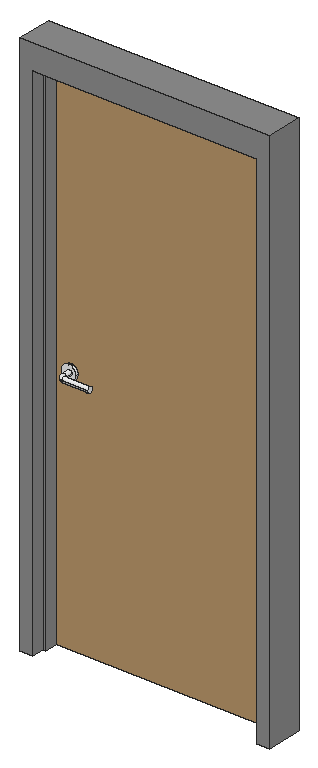
Revit family "6713ca4560c343a4ac8d3c4f4848abef", category Doors, host Wall, Revit 2021
Family settings
  Host = Wall
  OmniClass Number = 23.30.10.00
  OmniClass Title = Doors
  Always vertical = Yes
  Cut with Voids When Loaded = No
  Shared = No
  Room Calculation Point = No
Parameters
  Visual Light Transmittance = 0
  Thickness = 1 3/4"
  Thermal Resistance (R) = 2.5876 (h·ft²·°F)/BTU
  Swing Angle [instance] = 90.00°
  Strike Height = 40"
  Solar Heat Gain Coefficient = 0
  Rough Width [instance] = Width + MF Opening Width  # 40"
  Rough Height [instance] = Height + MF Opening Height  # 88"
  Panel Material = Wood - Birch
  Masonry Frame [instance] = yes
  MF Opening Height [instance] = if(Masonry Frame, 4", 1 1/4")  # 4"
  MF Opening Width [instance] = if(Masonry Frame, 4", 2 1/2")  # 4"
  Inset Calculate [instance] = if(Masonry Frame, Masonry Inset + 3", 3")  # 4"
  Masonry Inset [instance] = 1"
  Height = 84"
  Wall Closure = By host
  Width = 36"
  Heat Transfer Coefficient (U) = 0.3865 BTU/(h·ft²·°F)
  Function = Exterior
  Frame Material = Metal - Paint Finish - Grey
  Masonry Frame Depth = 5 3/4"
  Dry Wall Frame [instance] = not(Masonry Frame)  # no
  Door Handle Material = Aluminum
  Assembly Code = "B2030200"
  Analytic Construction = "Wooden"
Reference planes (in)
  plane 1 "Center (Front/Back)": y = 0
  plane 2 "Center (Left/Right)": x = 0
  plane 3 "Left": x = -20
  plane 4 "Right": x = 20
  plane 5 "Top": z = 88
  plane 6 "Exterior": y = 4.25
  plane 7 "Interior": y = -3.75
  plane 8 "Door Panel Left": x = -18
  plane 9 "Door Panel Right": x = 18
  plane 10 "Top Of Panel": z = 84
  plane 11: z = 0
  plane 12: z = 0
  plane 13 "Door Back": y = 1.5
  plane 14: z = 40
  plane 15 "Door Front": y = 3.25
  plane 16: y = -2.5
  plane 17: y = 1.3125
  plane 18: x = -17.375
  plane 19: y = -0.5625
  plane 20: z = 86
  plane 21: y = 7.25
  plane 22: z = 86
  plane 23: x = 18.75
  plane 24: x = 20.75
  plane 25: y = 4.75
  plane 26: y = -4.25
  plane 27: x = 18.125
  plane 28: y = 1.3125
  plane 29: y = -0.1875
  plane 30: y = 2.5
  plane 31: y = 2.25
  plane 32: y = 2.375
Forms (in)
  Extrusion 1, solid, material "Wood - Birch" <- "Panel Material"
    sketch origin (0, 0, 0) x (1, 0, 0) y (0, 0, 1)
      loop
        line (18, 84) -> (-18, 84) -> (-18, 0) -> (18, 0) -> (18, 84)
    from -3.25 to -1.5
  Sweep 2, solid, material "Metal - Paint Finish - Grey" <- "Frame Material", visible <- "Masonry Frame"
    path origin (0, 4.25, 0) x (1, 0, 0) y (0, 0, 1)
      loop
        line (20, 0) -> (20, 86) -> (-20, 86) -> (-20, 0)
    profile origin (-20, 4.25, 43) x (0, -1, 0) y (1, 0, 0)
      loop
        line (1, 2) -> (1, 0) -> (6.75, 0) -> (6.75, 2) -> (4.8125, 2) -> (4.8125, 2.625) -> (2.9375, 2.625) -> (2.9375, 2) -> (1, 2)
  Extrusion 3, solid, material "Metal - Paint Finish - Grey" <- "Frame Material", visible <- "Masonry Frame"
    sketch origin (0, 0, 0) x (0, 1, 0) y (0, 0, 1)
      loop
        line (3.25, 88) -> (-2.5, 88) -> (-2.5, 86) -> (3.25, 86) -> (3.25, 88)
    from -20 to 20
  Sweep 4, solid, material "Metal - Paint Finish - Grey" <- "Frame Material", visible <- "Dry Wall Frame"
    path origin (0, 4.25, 0) x (1, 0, 0) y (0, 0, 1)
      loop
        line (20, 0) -> (20, 88) -> (-20, 88) -> (-20, 0)
    profile origin (20, 4.25, 44) x (-1, 0, 0) y (0, -1, 0)
      loop
        line (-0.75, -0.5) -> (1.25, -0.5) -> (1.25, 2.9375) -> (1.875, 2.9375) -> (1.875, 4.4375) -> (1.25, 4.4375) -> (1.25, 8.5) -> (-0.75, 8.5) -> (-0.75, 8) -> (0, 8) -> (0, 0) -> (-0.75, 0) -> (-0.75, -0.5)
Cuts and joins
  joined: Sweep 2, Extrusion 3
Lines and regions (in)
  Opening 1
    outline origin (-90, -3.75, 0) x (1, 0, 0) y (0, 0, 1)
      loop
        line (70, 0) -> (110, 0) -> (110, 88) -> (70, 88) -> (70, 0)
  Masking region 1, visible <- "Masonry Frame", detail levels coarse+medium
    outline origin (0, 0, 0) x (1, 0, 0) y (0, 1, 0)
      loop
        line (-20, 3.25) -> (-20, -2.5) -> (-18, -2.5) -> (-18, 3.25) -> (-20, 3.25)
      loop
        line (20, 3.25) -> (18, 3.25) -> (18, -2.5) -> (20, -2.5) -> (20, 3.25)
  Masking region 2, visible <- "Masonry Frame", detail levels fine
    outline origin (0, 0, 0) x (1, 0, 0) y (0, 1, 0)
      loop
        line (-20, 3.25) -> (-20, -2.5) -> (-18, -2.5) -> (-18, -0.5625) -> (-17.375, -0.5625) -> (-17.375, 1.3125) -> (-18, 1.3125) -> (-18, 3.25) -> (-20, 3.25)
      loop
        line (20, 3.25) -> (18, 3.25) -> (18, 1.3125) -> (17.375, 1.3125) -> (17.375, -0.5625) -> (18, -0.5625) -> (18, -2.5) -> (20, -2.5) -> (20, 3.25)
  Masking region 3, visible <- "Dry Wall Frame", detail levels coarse+medium
    outline origin (0, 0, 0) x (1, 0, 0) y (0, 1, 0)
      loop
        line (18.75, -3.75) -> (20, -3.75) -> (20, 4.25) -> (18.75, 4.25) -> (18.75, -3.75)
      loop
        line (-20, 4.25) -> (-20, -3.75) -> (-18.75, -3.75) -> (-18.75, 4.25) -> (-20, 4.25)
  Masking region 4, visible <- "Dry Wall Frame", detail levels fine
    outline origin (0, 0, 0) x (1, 0, 0) y (0, 1, 0)
      loop
        line (-20.75, 4.75) -> (-20.75, 4.25) -> (-20, 4.25) -> (-20, -3.75) -> (-20.75, -3.75) -> (-20.75, -4.25) -> (-18.75, -4.25) -> (-18.75, -0.1875) -> (-18.125, -0.1875) -> (-18.125, 1.3125) -> (-18.75, 1.3125) -> (-18.75, 4.75) -> (-20.75, 4.75)
      loop
        line (20.75, 4.25) -> (20.75, 4.75) -> (18.75, 4.75) -> (18.75, 1.3125) -> (18.125, 1.3125) -> (18.125, -0.1875) -> (18.75, -0.1875) -> (18.75, -4.25) -> (20.75, -4.25) -> (20.75, -3.75) -> (20, -3.75) -> (20, 4.25) -> (20.75, 4.25)
  symbolic lines, style "Elevation Swing"
    curve 1: line (-18, 4.25, 84) -> (18, 4.25, 42)
    curve 2: line (18, 4.25, 42) -> (-18, 4.25, 0)
Text (in)
  text "Exterior" at (-74.96733, 27.31104, 0), in view "Ref. Level"
  text "Interior" at (-74.96733, -25.14366, 0), in view "Ref. Level"
  text "Exterior" at (0, 40.15149, 123.01588), in view "Right"
  text "Interior" at (0, -64.39139, 123.01588), in view "Right"
  text "Interior" at (0, -31.01599, 123.00693), in view "Left"
  text "Exterior" at (0, 54.57065, 123.00693), in view "Left"
Dimensions and locks (in)
  equal spacing: plane 3 "Left", plane 2 "Center (Left/Right)", plane 4 "Right"
  "Rough Height": level to plane 5 "Top"
  equal spacing: plane 8 "Door Panel Left", plane 2 "Center (Left/Right)", plane 9 "Door Panel Right"
  "Width": plane 8 "Door Panel Left" to plane 9 "Door Panel Right"
  "Height": level to plane 10 "Top Of Panel"
  plane 11 to plane 12 = 0"
  "Rough Width": plane 3 "Left" to plane 4 "Right"
  equal spacing: plane 12, curve 2, plane 10 "Top Of Panel"
  "Thickness": plane 15 "Door Front" to plane 13 "Door Back"
  "Masonry Frame Depth": plane 15 "Door Front" to plane 16
  locked: plane 13 "Door Back" to plane 17 at 0.1875
  locked: plane 16 to plane 19 at 1.9375
  locked: plane 8 "Door Panel Left" to plane 18 at 0.625
  locked: plane 20 to plane 5 "Top" at 2
  locked: plane 6 "Exterior" to plane 21 at 3
  "Inset Calculate": plane 21 to plane 15 "Door Front"
  locked: plane 10 "Top Of Panel" to plane 22 at 2
  locked: plane 4 "Right" to plane 24 at 0.75
  locked: plane 6 "Exterior" to plane 25 at 0.5
  locked: plane 26 to plane 7 "Interior" at 0.5
  locked: plane 23 to plane 24 at 2
  plane 13 "Door Back" to plane 28 to plane 29 = 3/16" locked, 1 1/2" locked
  locked: plane 27 to plane 23 at 0.625
  "Strike Height": plane 11 to plane 14
  equal spacing: plane 15 "Door Front", plane 32, plane 13 "Door Back"
  locked: plane 32 to plane 31 at 0.125
  locked: plane 30 to plane 32 at 0.125
  aligned and locked: plane 3 "Left" to Opening 1 sketch curve
  aligned and locked: plane 5 "Top" to Opening 1 sketch curve  (x2)
  aligned and locked: Opening 1 sketch curve to plane 4 "Right"
  aligned and locked: Opening 1 sketch curve to level
  aligned and locked: plane 6 "Exterior" to host wall
  aligned and locked: plane 7 "Interior" to host wall
  aligned and locked: plane 11 to level
  aligned and locked: Extrusion 1 sketch curve to plane 10 "Top Of Panel"
  aligned and locked: Extrusion 1 sketch curve to plane 8 "Door Panel Left"
  aligned and locked: plane 9 "Door Panel Right" to Extrusion 1 sketch curve
  aligned and locked: Extrusion 1 sketch curve to plane 12
  aligned and locked: Extrusion 1 to plane 13 "Door Back"
  aligned and locked: nested 1 to plane 9 "Door Panel Right"
  aligned and locked: nested 2 to plane 8 "Door Panel Left"
  aligned and locked: nested 2 to plane 14
  aligned and locked: plane 8 "Door Panel Left" to nested 3
  aligned and locked: nested 3 to plane 13 "Door Back"
  aligned and locked: plane 14 to nested 3
  aligned and locked: nested 1 to plane 15 "Door Front"
  aligned and locked: nested 2 to plane 15 "Door Front"
  aligned and locked: Extrusion 1 to nested 1
  aligned and locked: Sweep 2 sketch curve to plane 3 "Left"  (x2)
  aligned and locked: plane 11 to Sweep 2 sketch curve  (x2)
  aligned and locked: plane 18 to Sweep 2 sketch curve
  aligned and locked: plane 8 "Door Panel Left" to Sweep 2 sketch curve  (x2)
  aligned and locked: plane 17 to Sweep 2 sketch curve
  aligned and locked: Sweep 2 sketch curve to plane 19
  aligned and locked: Sweep 2 sketch curve to plane 16
  aligned and locked: Sweep 2 sketch curve to plane 15 "Door Front"
  aligned and locked: Sweep 2 sketch curve to plane 4 "Right"
  aligned and locked: plane 5 "Top" to Extrusion 3 sketch curve
  aligned and locked: Extrusion 3 sketch curve to plane 16
  aligned and locked: Extrusion 3 sketch curve to plane 15 "Door Front"
  aligned and locked: plane 20 to Extrusion 3 sketch curve
  aligned and locked: cut or joined group of Sweep 2, Extrusion 3 to plane 4 "Right"
  aligned and locked: plane 3 "Left" to cut or joined group of Sweep 2, Extrusion 3
  aligned and locked: Masking region 1 sketch curve to plane 15 "Door Front"
  aligned and locked: plane 8 "Door Panel Left" to Masking region 1 sketch curve
  aligned and locked: Masking region 1 sketch curve to plane 16
  aligned and locked: Masking region 1 sketch curve to plane 3 "Left"
  aligned and locked: plane 15 "Door Front" to Masking region 1 sketch curve
  aligned and locked: Masking region 1 sketch curve to plane 4 "Right"
  aligned and locked: plane 9 "Door Panel Right" to Masking region 1 sketch curve
  aligned and locked: plane 16 to Masking region 1 sketch curve
  aligned and locked: Masking region 2 sketch curve to plane 3 "Left"
  aligned and locked: Masking region 2 sketch curve to plane 16
  aligned and locked: plane 8 "Door Panel Left" to Masking region 2 sketch curve  (x2)
  aligned and locked: Masking region 2 sketch curve to plane 15 "Door Front"
  aligned and locked: Masking region 2 sketch curve to cut or joined group of Sweep 2, Extrusion 3  (x4)
  aligned and locked: plane 15 "Door Front" to Masking region 2 sketch curve
  aligned and locked: Masking region 2 sketch curve to plane 4 "Right"
  aligned and locked: plane 9 "Door Panel Right" to Masking region 2 sketch curve  (x2)
  aligned and locked: plane 16 to Masking region 2 sketch curve
  aligned and locked: cut or joined group of Sweep 2, Extrusion 3 to Masking region 2 sketch curve  (x2)
  aligned and locked: plane 22 to Sweep 2 sketch curve
  aligned and locked: plane 4 "Right" to Sweep 4 sketch curve
  aligned and locked: Sweep 4 sketch curve to plane 3 "Left"
  aligned and locked: plane 24 to Sweep 4 sketch curve  (x2)
  aligned and locked: Sweep 4 sketch curve to plane 7 "Interior"
  aligned and locked: Sweep 4 sketch curve to plane 26
  aligned and locked: Sweep 4 sketch curve to plane 23  (x2)
  aligned and locked: Sweep 4 sketch curve to plane 29
  aligned and locked: plane 27 to Sweep 4 sketch curve
  aligned and locked: plane 28 to Sweep 4 sketch curve
  aligned and locked: Sweep 4 sketch curve to plane 25
  aligned and locked: plane 6 "Exterior" to Sweep 4 sketch curve
  aligned and locked: Sweep 4 sketch curve to plane 4 "Right"
  aligned and locked: plane 5 "Top" to Sweep 4 sketch curve
  aligned and locked: Masking region 3 sketch curve to plane 6 "Exterior"
  aligned and locked: plane 7 "Interior" to Masking region 3 sketch curve
  aligned and locked: Masking region 3 sketch curve to plane 4 "Right"
  aligned and locked: Masking region 3 sketch curve to Sweep 4  (x2)
  aligned and locked: plane 6 "Exterior" to Masking region 3 sketch curve
  aligned and locked: Masking region 3 sketch curve to plane 3 "Left"
  aligned and locked: Masking region 3 sketch curve to plane 7 "Interior"
  aligned and locked: Masking region 4 sketch curve to plane 3 "Left"
  aligned and locked: Masking region 4 sketch curve to Sweep 4  (x13)
  aligned and locked: Masking region 4 sketch curve to plane 6 "Exterior"
  aligned and locked: plane 7 "Interior" to Masking region 4 sketch curve
  aligned and locked: Masking region 4 sketch curve to plane 4 "Right"
  aligned and locked: Masking region 4 sketch curve to plane 7 "Interior"
  aligned and locked: Sweep 4 to Masking region 4 sketch curve  (x5)
  aligned and locked: plane 6 "Exterior" to Masking region 4 sketch curve
  aligned and locked: plane 11 to Sweep 4 sketch curve  (x2)
Automatic sketch dimensions
  curve 2 to level = 0"
  curve 2 to plane 8 "Door Panel Left" = 0"
  curve 1 to plane 8 "Door Panel Left" = 0"
  curve 2 to plane 9 "Door Panel Right" = 0"
  curve 1 to plane 10 "Top Of Panel" = 0"
Nested families (in)
  nested 1: "Door Swing-Single" at (18, 3.25, 0), Swing Angle <- "Swing Angle", type "Single"
    with Swing Visible yes, Swing Angle 90.00°, Actual Angle 90.00°
  nested 2: "Handle Lever" at (-23.90551, 3.25, 40), type "Standard", detail levels fine
  nested 3: "Handle Lever" at (-23.90551, 1.5, 40), type "Standard", detail levels fine
Definition of nested family "Handle Lever"
  Parameters (values of type "Standard")
    Material = none
    Handle Z Distance = 0"
    Handle X Distance = 2 61/64"
    Assembly Code = ""
    Analytic Construction = "<None>"
  Reference planes (in)
    plane 1 "Center (Front/Back)": y = 0
    plane 2: z = 0
    plane 3 "Center (Left/Right)": x = 5.90551
    plane 4: z = 0
    plane 5 "Handle C/L": x = 8.85864
  Forms (in)
    Extrusion 1, solid, material <- "Material"
      sketch origin (11.81102, 0, 0) x (1, 0, 0) y (0, 0, -1)
        loop
          circle (-3.05081, 0) r 1.1811
      from 0 to 0.31496
    Sweep 2, solid, material <- "Material"
      path origin (0, 0, 0) x (0, -1, 0) y (1, 0, 0)
        loop
          line (-0.31496, 8.85864) -> (-1.49606, 8.85864)
          arc (-1.49606, 8.85864) -> (-1.91365, 9.03161) -> (-2.08661, 9.44919) r 0.59055
          line (-2.08661, 9.44919) -> (-2.08661, 13.58305)
      profile origin (8.85864, 0.90551, 0) x (1, 0, 0) y (0, 0, 1)
        loop
          circle (0, 0) r 0.3937
  Dimensions and locks (in)
    "Handle Z Distance": plane 4 to level
    Sweep 2 sketch curve to Sweep 2 sketch curve = 4.13386"
    "Handle X Distance": plane 5 "Handle C/L" to plane 3 "Center (Left/Right)"
    plane 5 "Handle C/L" to Sweep 2 sketch curve = 4.72441"
    aligned and locked: plane 4 to Extrusion 1 sketch curve
  Automatic sketch dimensions
    Sweep 2 sketch curve to profile plane = 0"  (x2)
    Sweep 2 sketch curve to plane 5 "Handle C/L" = 0"
    Sweep 2 sketch curve to plane 1 "Center (Front/Back)" = 2.08661"
    Sweep 2 sketch curve to plane 1 "Center (Front/Back)" = 0.31496"
    Extrusion 1 sketch curve to plane 5 "Handle C/L" = 0.09843"
    radius of Sweep 2 sketch curve = 0.3937"
    radius of Extrusion 1 sketch curve = 1.1811"
Definition of nested family "Door Swing-Single"
  Parameters
    Width = 36"
    Thickness = 1 3/4"
    Swing Visible [instance] = Swing Angle > 1.00°  # yes
    Swing Angle [instance] = 45.00°
    Assembly Code = ""
    Analytic Construction = "<None>"
    Actual Angle [instance] = if(Swing Angle < 1.00°, 1.00°, Swing Angle)  # 45.00°
  Reference planes (in)
    plane 1 "Center (Front/Back)": y = 0
    plane 2: z = 0
    plane 3 "Center (Left/Right)": x = 0
    plane 4: x = -36
  Lines and regions (in)
    Masking region 1
      outline origin (0, 0, 0) x (-0.707107, 0.707107, 0) y (-0.707107, -0.707107, 0)
        loop
          line (0, 0) -> (36, 0) -> (36, 1.75) -> (0, 1.75) -> (0, 0)
    symbolic lines
      curve 1: line (0, 0, 0) -> (-36, 0, 0)
    symbolic lines, visible <- "Swing Visible"
      curve 2: arc (-36, 0, 0) -> (-33.25966, 13.7766, 0) -> (-25.45584, 25.45584, 0) r 36
    reference lines
      curve 3: line (0, 0, 0) -> (-25.45584, 25.45584, 0)
    model lines
      curve 4: line (0, 0, 0) -> (0, 0, 1)
  Dimensions and locks (in)
    "Width": plane 4 to plane 3 "Center (Left/Right)"
    locked: curve 2 to plane 3 "Center (Left/Right)"
    locked: curve 2 to plane 1 "Center (Front/Back)"
    "Width": curve 3 to curve 3
    "Thickness": Masking region 1 sketch curve to Masking region 1 sketch curve
    locked: curve 4 to plane 2 at 1
    "Width": radius of curve 2
    "Actual Angle": angle curve 2 to curve 2
    "Swing Angle": angle curve 3 to plane 1 "Center (Front/Back)"
    aligned and locked: curve 1 to plane 1 "Center (Front/Back)"
    aligned and locked: plane 3 "Center (Left/Right)" to curve 1
    aligned and locked: plane 3 "Center (Left/Right)" to curve 3
    aligned and locked: plane 1 "Center (Front/Back)" to curve 3
    aligned and locked: curve 3 to Masking region 1 sketch curve
    aligned and locked: Masking region 1 sketch curve to curve 3  (x2)
    aligned and locked: plane 3 "Center (Left/Right)" to curve 4
    aligned and locked: plane 2 to curve 4
